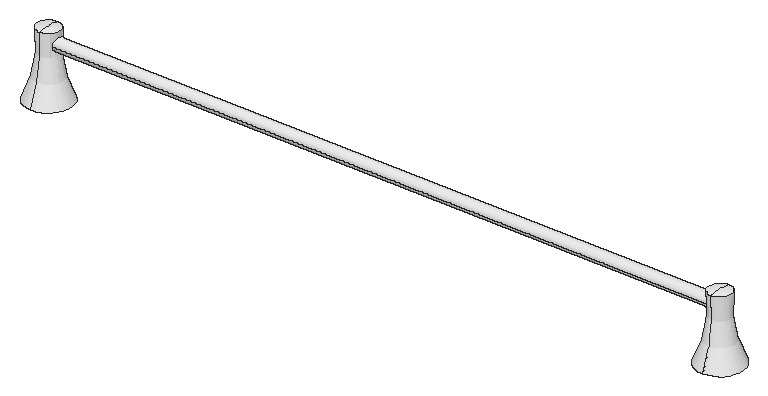
Revit family "Towel Rail-Single-Caroma Elegance", category Specialty Equipment, host Face, Revit 2013
Parameters (values of type "Standard")
  URL = "http://www.caroma.com.au/"
  Type Comments = "Caroma Elegance Single Towel Rail"  # constant formula
  Size = 1
  ModifiedIssue_ANZRS = 1  # constant formula
  Model = "631160C"  # constant formula
  Material_ANZRS = Metal-Chrome-Caroma
  Manufacturer = "GWA Bathrooms & Kitchens"  # constant formula
  Length_ANZRS = 760 mm  # constant formula
  Description = ""
  Default Elevation = 900 mm
  CreatedBy_ANZRS = "Design Content"  # constant formula
  CreatedByURL_ANZRS = "www.designcontent.com.au"
  Cost = 0
  Assembly Code = "C1030200"
Reference planes
  plane 1 "Center (Elevation)": y = 0
  plane 2 "Back": z = 0
  plane 3 "Center (Left/Right)": x = 0
  plane 4 "Left": x = -380
  plane 5 "Right": x = 380
  plane 6 "Top": y = 24.966
  plane 7 "Bottom": y = -25
  plane 8 "Front": z = 75
Forms (mm)
  Revolve 1, solid, material "Metal-Chrome-Caroma" <- "Material_ANZRS"
    sketch origin (-380, 0, 0) x (0, 1, 0) y (0, 0, 1)
      loop
        arc (24.966, 0) -> (13.131, 35.756) -> (12.473, 73.413) r 125.122
        arc (12.473, 73.413) -> (6.287, 74.602) -> (0, 75) r 49.819
        line (0, 75) -> (0, 0) -> (24.966, 0)
      axis (0, 75) -> (0, 0)
    angle from 0 to 360
  Extrusion 2, solid, material "Metal-Chrome-Caroma" <- "Material_ANZRS"
    sketch origin (0, 0, 0) x (0, 1, 0) y (0, 0, 1)
      loop
        circle (0, 59.985) r 7
    from -380 to 380
  Revolve 3, solid, material "Metal-Chrome-Caroma" <- "Material_ANZRS"
    sketch origin (380, 0, 0) x (0, 1, 0) y (0, 0, 1)
      loop
        arc (24.966, 0) -> (13.131, 35.756) -> (12.473, 73.413) r 125.122
        arc (12.473, 73.413) -> (6.287, 74.602) -> (0, 75) r 49.819
        line (0, 75) -> (0, 0) -> (24.966, 0)
      axis (0, 75) -> (0, 0)
    angle from 0 to 360
Cuts and joins
  joined: Revolve 1, Extrusion 2, Revolve 3
Dimensions and locks
  "Length_ANZRS": plane 4 "Left" to plane 5 "Right"
  equal spacing: plane 4 "Left", plane 3 "Center (Left/Right)", plane 5 "Right"
  aligned and locked: plane 2 "Back" to host face
  aligned and locked: level to host face
  aligned and locked: Extrusion 2 to plane 4 "Left"
  aligned and locked: plane 5 "Right" to Extrusion 2
Automatic sketch dimensions
  host sketch curve to host sketch curve = 2438.4 mm  (x2)
  Extrusion 2 sketch curve to plane 1 "Center (Elevation)" = 0 mm
  Extrusion 2 sketch curve to plane 8 "Front" = 15.015 mm
  Revolve 1 sketch curve to level = 0 mm
  Revolve 1 sketch curve to plane 1 "Center (Elevation)" = 0 mm  (x2)
  Revolve 1 sketch curve to plane 6 "Top" = 0 mm
  Revolve 1 sketch curve to plane 8 "Front" = 0 mm
  Revolve 1 sketch curve to plane 8 "Front" = 1.587 mm
  Revolve 1 sketch curve to plane 8 "Front" = 18.253 mm
  Revolve 1 sketch curve to level = 7.879 mm
  Revolve 1 sketch curve to Revolve 1 sketch curve = 16.217 mm
  Revolve 1 sketch curve to plane 1 "Center (Elevation)" = 12.473 mm
  Revolve 3 sketch curve to plane 1 "Center (Elevation)" = 0 mm  (x2)
  Revolve 3 sketch curve to level = 0 mm
  Revolve 3 sketch curve to plane 6 "Top" = 0 mm
  Revolve 3 sketch curve to plane 8 "Front" = 0 mm
  Revolve 3 sketch curve to plane 8 "Front" = 1.587 mm
  Revolve 3 sketch curve to plane 1 "Center (Elevation)" = 12.473 mm
  Revolve 3 sketch curve to plane 8 "Front" = 18.253 mm
  Revolve 3 sketch curve to Revolve 3 sketch curve = 24.096 mm
  Revolve 3 sketch curve to Revolve 3 sketch curve = 7.879 mm
  radius of Extrusion 2 sketch curve = 7 mm
